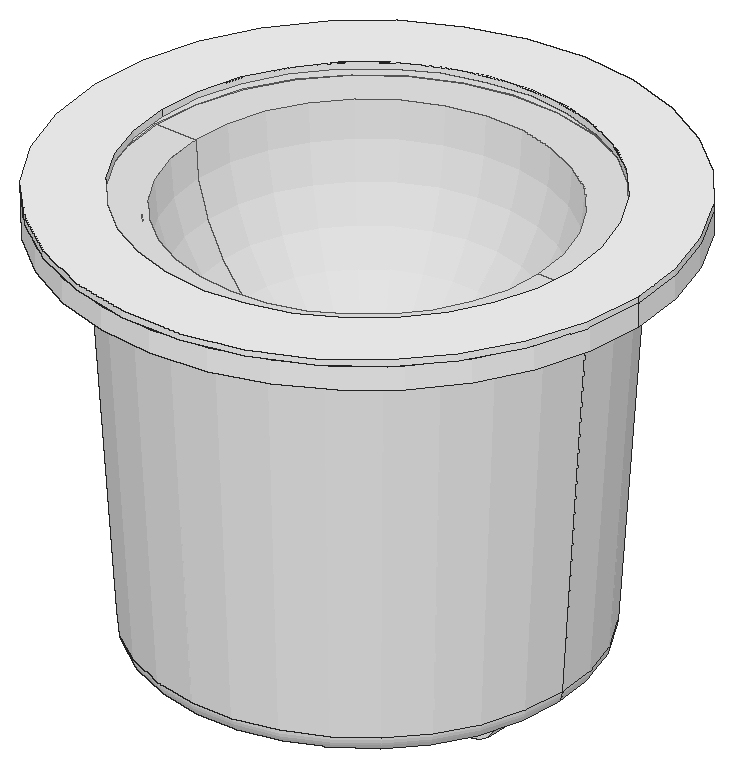
Revit family "2058906", category Lighting Fixtures, host Face, Revit 2018
Family settings
  Host = Face
  Round Connector Dimension = Use Diameter
  Part Type = Normal
  OmniClass Number = 23.80.70.11.17
  OmniClass Title = Specialized Lighting by Location or Use
  Cut with Voids When Loaded = No
  Light Source = Yes
  Shared = No
  Room Calculation Point = No
Parameters (values of type "2058906 MYRIAD DECO IP65 SP 2.7K PHD EM SI CBEZ")
  Weight = "n/a"
  Wattage = 15 W
  WarrantyStartDate [instance] = "n/a"
  WarrantyGuarantorParts = "n/a"
  WarrantyDurationUnit = "n/a"
  WarrantyDurationParts = ""
  WarrantyDescription = "http://www.sylvania-lighting.com"
  built-in parameter 1150110 = 1 (stored number, unit not read)
  Voltage = 230 V
  URL = "0"
  TypeName = "MYRIAD DECO IP65 SPOT 2700K PHDM EM SILVER CBEZ"
  Type Image = 0
  Type Comments = ""
  built-in parameter 1114217 = 1 (stored number, unit not read)
  Tilt Angle = -90°
  built-in parameter 1150109 = 1 (stored number, unit not read)
  built-in parameter 1150134 = (empty or 0)
  built-in parameter 1150113 = 1 (stored number, unit not read)
  SerialNumber [instance] = "n/a"
  Reflector Radius = Cutout Diameter / 2 - 2.5 mm  # 35.0 mm
  Reflector Material = Aluminum_Sylvania_Myriad_Bright
  Recessed Depth = Height  # 72.0 mm
  PowerFactor = 0
  PowerConsumption = "Lighting"
  Photometric Web File = "2058906.ies"
  NominalWidth = 0.0 mm
  NominalLength = 76.0 mm
  NominalHeight = 72.0 mm
  Name = "MYRIAD DECO IP65 SPOT 2700K PHDM EM SILVER CBEZ"
  ModelReference = "MYRIAD DECO IP65 SPOT 2700K PHDM EM SILVER CBEZ"
  ModelNumber = "2058906"
  Material = "Feilo Sylvania"
  ManufacturerName = "103 lm/W"
  LuminousEfficacy = ""
  LuminaireType = "0"
  LightOutputRatio = "LED"
  LampsType = Lamp  # "n/a"
  LampNominalLuminous = "2700 K"
  LampMacAdamStep = "90"
  LampColourTemperature = "LED"
  LampColourRenderingIndex = "16500"
  Keynote = "n/a"
  Keynote_2 = "16500"
  InstallationDate [instance] = "n/a"
  InputVoltage = "0"
  InputNominalFrequency = "2700"
  IngressProtection = "IfcLightFixtureType"
  ImpactProtectionIndex = "IfcLightFixtureType"
  IfcExportType = "IfcLightFixtureType"
  IfcExportAs = "Class II"
  Height = 72.0 mm  # constant formula
  ExpectedLife = 50000
  Emit from Circle Diameter = Accessory Inner Diameter 2  # 68.0 mm
  Emit Shape Visible in Rendering = no
  ElectricShockClassification = "103"
  DurationUnit = "hours"
  DocumentationLiterature = "http://www.sylvania-lighting.com/product/en-int/products/2058906"
  DimmingControlOptions = "n/a"
  Diffuser Material = Glass_Sylvania_Myriad_Clear_4000K
  Diffuser Diameter = Cutout Diameter  # 75.0 mm
  Cutout Diameter = 75.0 mm  # constant formula
  CreatedOn = "03/02/2022"
  CreatedBy = "@sylvania-lighting.com"
  built-in parameter 1001205 = 0
  Cost = 0
  built-in parameter 1114216 [instance] = 1 (stored number, unit not read)
  Model = "MYRIAD DECO IP65 SPOT 2700K PHDM EM SILVER CBEZ"
  Manufacturer = "Feilo Sylvania"  # constant formula
  built-in parameter 1150105 = 83.556 (stored number, unit not read)
  Lumens = 1050 lm
  built-in parameter 1150115 = 1 (stored number, unit not read)
  built-in parameter 1150137 = (empty or 0)
  built-in parameter 1150139 = (empty or 0)
  built-in parameter 1150112 = 1 (stored number, unit not read)
  built-in parameter 1150114 = 1 (stored number, unit not read)
  Lamp = "n/a"
  built-in parameter 1150132 = (empty or 0)
  built-in parameter 1150102 = (empty or 0)
  built-in parameter 1150107 = 2700 (stored number, unit not read)
  built-in parameter 1150138 = (empty or 0)
  built-in parameter 1150106 = 0.83556 (stored number, unit not read)
  built-in parameter 1150104 = 6.5032 (stored number, unit not read)
  Dimming Lamp Color Temperature Shift = <None>
  Description = "Supplied complete with electronic control gear Compact Fluorescent low energy downlight Emergency version passes through the cut out Ideal for low level orientation lighting New range of Architectural accessories each providing a different lit dimension New completely flush plaster up accessory ring for clean ceiling lines and smooth finish Order lamp separately"  # constant formula
  Default Elevation = 0.0 mm
  Color Filter = 16777215
  built-in parameter 1140040 [instance] = 1
  Body Radius = Reflector Radius + 1.5 mm  # 36.5 mm
  Body Material = Aluminum_Sylvania_Myriad_Gray
  BarCode [instance] = "n/a"
  built-in parameter 1114218 = 1 (stored number, unit not read)
  built-in parameter 1150133 = 10 (stored number, unit not read)
  AssetType = "Fixed"
  AssetIdentifier [instance] = "n/a"
  Assembly Code = "D5020200"
  Apparent Load = 12 VA
  Accessory Material = Aluminum_Sylvania_Myriad_White
  Accessory Inner Diameter 2 = Accessory Diameter - 22.0 mm  # 68.0 mm
  Accessory Inner Diameter 1 = Accessory Diameter - 2.0 mm  # 88.0 mm
  Accessory Diameter = Cutout Diameter + 15.0 mm  # 90.0 mm
Reference planes
  plane 1 "Center (Front/Back)": y = 0
  plane 2: z = 0
  plane 3 "Center (Left/Right)": x = 0
  plane 4: z = 2
  plane 5 "Fixture Bottom": z = 4.5
  plane 6: z = -28.5
  plane 7: z = -61.5
  plane 8 "Fixture Top": z = -67.5
  plane 9: z = 3.5
Forms (mm)
  Revolve 1, solid, material "Aluminum_Sylvania_Myriad_Bright" <- "Reflector Material", detail levels fine
    sketch origin (0, 0, 0) x (1, 0, 0) y (0, 0, 1)
      loop
        line (0, -27.515) -> (-6, -27.515)
        arc (-6, -27.515) -> (-22.333, -16.632) -> (-28.5, 2) r 30.135
        line (-28.5, 2) -> (-35, 2) -> (-35, 0) -> (-29.184, 0)
        arc (-29.184, 0) -> (-22.423, -18.18) -> (-6, -28.5) r 30.204
        line (-6, -28.5) -> (0, -28.5) -> (0, -27.515)
      axis (0, -28.5) -> (0, 2)
    angle from 0 to 360
  Revolve 2, solid, material "Aluminum_Sylvania_Myriad_Gray" <- "Body Material", detail levels fine
    sketch origin (0, 0, 0) x (1, 0, 0) y (0, 0, 1)
      loop
        line (-44, 2) -> (-44, 0) -> (-36.5, 0) -> (-32.42, -58.708)
        arc (-32.42, -58.708) -> (-31.474, -60.694) -> (-29.428, -61.5) r 3
        line (-29.428, -61.5) -> (0, -61.5) -> (0, -28.5) -> (-6, -28.5)
        arc (-6, -28.5) -> (-22.423, -18.18) -> (-29.184, 0) r 30.204
        line (-29.184, 0) -> (-35, 0) -> (-35, 2) -> (-44, 2)
      axis (0, 2) -> (0, -61.5)
    angle from 0 to 360
  Extrusion 3, solid, material "Aluminum_Sylvania_Myriad_Gray" <- "Body Material", detail levels fine
    sketch origin (0, 0, 0) x (1, 0, 0) y (0, 0, 1)
      loop
        line (-13.5, -67.5) -> (21, -67.5)
        arc (21, -67.5) -> (23.828, -66.328) -> (25, -63.5) r 4
        line (25, -63.5) -> (25, -61.5) -> (-17.5, -61.5) -> (-17.5, -63.5)
        arc (-17.5, -63.5) -> (-16.328, -66.328) -> (-13.5, -67.5) r 4
    from -4.5 to 4.5
  Extrusion 4, solid, material "Aluminum_Sylvania_Myriad_White" <- "Accessory Material", detail levels fine
    sketch origin (0, 0, 0) x (1, 0, 0) y (0, 1, 0)
      loop
        circle (0, 0) r 45
      loop
        circle (0, 0) r 44
    from 0 to 3.5
  Extrusion 5, solid, material "Aluminum_Sylvania_Myriad_White" <- "Accessory Material", detail levels fine
    sketch origin (0, 0, 0) x (1, 0, 0) y (0, 1, 0)
      loop
        circle (0, 0) r 45
      loop
        circle (0, 0) r 34
    from 3.5 to 4.5
  Extrusion 6, solid, material "Aluminum_Sylvania_Myriad_White" <- "Accessory Material", detail levels coarse+medium
    sketch origin (0, 0, 0) x (1, 0, 0) y (0, 1, 0)
      loop
        circle (0, 0) r 45
    from 0 to 4.5
  Revolve 7, solid, detail levels coarse+medium
    sketch origin (0, 0, 0) x (1, 0, 0) y (0, 0, 1)
      loop
        line (36.5, 0) -> (0, 0) -> (0, -61.5) -> (32.226, -61.5) -> (36.5, 0)
      axis (0, 0) -> (0, -61.5)
    angle from 0 to 360
  Extrusion 8, void
    sketch origin (0, 0, 0) x (1, 0, 0) y (0, 1, 0)
      loop
        circle (0, 0) r 37.5
    from -67.5 to 0
  Extrusion 9, solid, material "Glass_Sylvania_Myriad_Clear_4000K" <- "Diffuser Material", detail levels fine
    sketch origin (0, 0, 0) x (1, 0, 0) y (0, 1, 0)
      loop
        circle (0, 0) r 37.5
    from 2 to 3.5
Cuts and joins
  joined: Extrusion 4, Extrusion 5
Lines and regions (mm)
  Masking region 1
    outline origin (0, 0, 0) x (1, 0, 0) y (0, 1, 0)
      loop
        circle (0, 0) r 45
  symbolic lines
    curve 1: arc (-34, 0, 0) -> (0, 34, 0) -> (34, 0, 0) r 34
    curve 2: arc (34, 0, 0) -> (0, -34, 0) -> (-34, 0, 0) r 34
Dimensions and locks
  locked: plane 7 to plane 8 "Fixture Top" at 6
  "Body Radius": Revolve 7 sketch curve to plane 3 "Center (Left/Right)"
  locked: Revolve 7 sketch curve to Revolve 7 sketch curve at 4.274
  plane 5 "Fixture Bottom" to plane 9 to plane 4 to plane 2 to plane 6 = 1.0 mm locked, 1.5 mm locked, 2.0 mm locked, 28.5 mm locked
  "Reflector Radius": Revolve 1 sketch curve to plane 3 "Center (Left/Right)"
  Revolve 1 sketch curve to Revolve 1 sketch curve to Revolve 1 sketch curve to Revolve 1 sketch curve = 6.5 mm locked, 22.5 mm locked, 0.0 mm locked
  "Reflector Radius": plane 3 "Center (Left/Right)" to Revolve 2 sketch curve
  Revolve 2 sketch curve to Revolve 2 sketch curve to Revolve 2 sketch curve = 7.5 mm locked, 1.5 mm locked
  Revolve 2 sketch curve to Revolve 2 sketch curve to Revolve 2 sketch curve = 5.816 mm locked, 23.184 mm locked
  Revolve 2 sketch curve to Revolve 2 sketch curve to Revolve 2 sketch curve = 2.58 mm locked, 2.993 mm locked
  "Accessory Diameter": diameter of Extrusion 4 sketch curve
  "Accessory Inner Diameter 1": diameter of Extrusion 4 sketch curve
  "Accessory Diameter": diameter of Extrusion 5 sketch curve
  "Accessory Diameter": diameter of Extrusion 6 sketch curve
  "Cutout Diameter": diameter of Extrusion 8 sketch curve
  "Accessory Inner Diameter 2": diameter of Extrusion 5 sketch curve
  "Diffuser Diameter": diameter of Extrusion 9 sketch curve
  aligned and locked: plane 2 to host face
  aligned and locked: level to host face
  aligned and locked: plane 1 "Center (Front/Back)" to imposter light
  aligned and locked: plane 3 "Center (Left/Right)" to imposter light
  aligned and locked: Revolve 1 sketch curve to imposter light
  aligned and locked: Extrusion 3 sketch curve to plane 8 "Fixture Top"
  aligned and locked: plane 7 to Extrusion 3 sketch curve
  aligned and locked: Extrusion 4 to plane 2
  aligned and locked: plane 9 to Extrusion 4
  aligned and locked: Extrusion 5 to plane 9
  aligned and locked: plane 5 "Fixture Bottom" to Extrusion 5
  aligned and locked: Extrusion 6 to plane 2
  aligned and locked: plane 5 "Fixture Bottom" to Extrusion 6
  aligned and locked: Extrusion 8 to plane 8 "Fixture Top"
  aligned and locked: plane 2 to Extrusion 8
  aligned and locked: Masking region 1 sketch curve to Extrusion 6  (x2)
  aligned and locked: Extrusion 9 to plane 4
  aligned and locked: plane 9 to Extrusion 9
  aligned and locked: plane 4 to Revolve 2 sketch curve
  aligned and locked: Revolve 2 sketch curve to plane 2
  aligned and locked: curve 1 to cut or joined group of Extrusion 4, Extrusion 5
  aligned and locked: curve 2 to cut or joined group of Extrusion 4, Extrusion 5
  aligned and locked: imposter light to plane 5 "Fixture Bottom"
Automatic sketch dimensions
  host sketch curve to host sketch curve = 1305.563 mm
  host sketch curve to host sketch curve = 1283.632 mm
  Extrusion 3 sketch curve to plane 7 = 2.0 mm
  Extrusion 3 sketch curve to plane 3 "Center (Left/Right)" = 13.5 mm
  plane 3 "Center (Left/Right)" to Extrusion 3 sketch curve = 21.0 mm
  Extrusion 3 sketch curve to Extrusion 3 sketch curve = 4.0 mm
  Revolve 1 sketch curve to level = 0.0 mm
  Revolve 1 sketch curve to plane 3 "Center (Left/Right)" = 0.0 mm
  Revolve 1 sketch curve to plane 6 = 0.0 mm
  Revolve 1 sketch curve to plane 4 = 0.0 mm
  Revolve 1 sketch curve to Revolve 1 sketch curve = 0.684 mm
  level to Revolve 1 sketch curve = 0.88 mm
  Revolve 1 sketch curve to plane 4 = 0.363 mm
  Revolve 1 sketch curve to Revolve 1 sketch curve = 0.625 mm
  Revolve 1 sketch curve to plane 8 "Fixture Top" = 232.8 mm
  plane 5 "Fixture Bottom" to Revolve 1 sketch curve = 291.243 mm
  Revolve 2 sketch curve to plane 3 "Center (Left/Right)" = 0.0 mm  (x2)
  Revolve 2 sketch curve to plane 7 = 0.0 mm
  Revolve 2 sketch curve to plane 6 = 0.0 mm
  Revolve 2 sketch curve to level = 0.0 mm
  level to Revolve 2 sketch curve = 0.88 mm
  plane 7 to Revolve 2 sketch curve = 2.792 mm
  Revolve 2 sketch curve to plane 8 "Fixture Top" = 304.774 mm
  plane 5 "Fixture Bottom" to Revolve 2 sketch curve = 1137.105 mm
  Extrusion 4 sketch curve to Extrusion 4 sketch curve = 0.0 mm  (x2)
  plane 1 "Center (Front/Back)" to Extrusion 4 sketch curve = 0.0 mm
  Extrusion 4 sketch curve to plane 3 "Center (Left/Right)" = 0.0 mm
  Extrusion 5 sketch curve to Extrusion 5 sketch curve = 0.0 mm  (x2)
  plane 1 "Center (Front/Back)" to Extrusion 5 sketch curve = 0.0 mm
  Extrusion 5 sketch curve to plane 3 "Center (Left/Right)" = 0.0 mm
  plane 1 "Center (Front/Back)" to Extrusion 6 sketch curve = 0.0 mm
  Extrusion 6 sketch curve to plane 3 "Center (Left/Right)" = 0.0 mm
  Revolve 7 sketch curve to level = 0.0 mm
  Revolve 7 sketch curve to plane 3 "Center (Left/Right)" = 0.0 mm  (x2)
  Revolve 7 sketch curve to plane 7 = 0.0 mm
  Revolve 7 sketch curve to plane 8 "Fixture Top" = 304.774 mm
  plane 5 "Fixture Bottom" to Revolve 7 sketch curve = 43.226 mm
  plane 1 "Center (Front/Back)" to Extrusion 8 sketch curve = 0.0 mm
  Extrusion 8 sketch curve to plane 3 "Center (Left/Right)" = 0.0 mm
  plane 1 "Center (Front/Back)" to Extrusion 9 sketch curve = 0.0 mm
  Extrusion 9 sketch curve to plane 3 "Center (Left/Right)" = 0.0 mm
Connectors
  electrical at (-0.006, -0.019, -67.5), driven by "Apparent Load", driven by "Apparent Load"
    settings: on plane 8 "Fixture Top", index 1, voltage 230 V, apparent load 12 VA, apparent load phase1 12 VA, apparent load phase2 0 VA, apparent load phase3 0 VA, power factor 1, load classification "Lighting", number of poles 1, system type 30, power factor state 1, is connector primary yes, connector utility no, sub classification motor no, connector description ""
